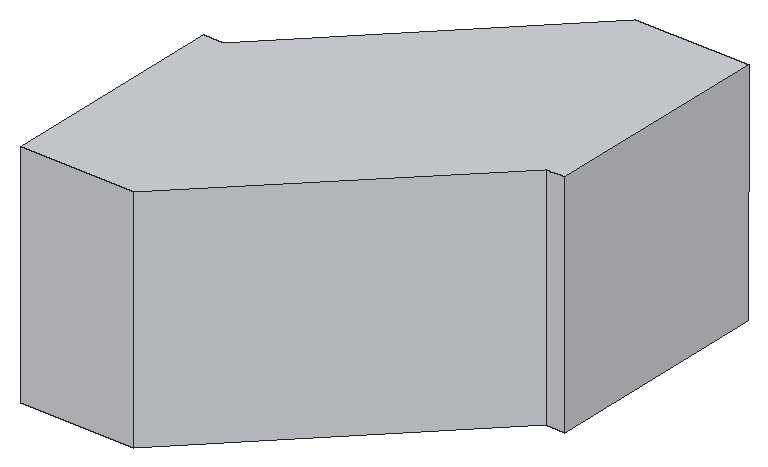
Revit family "M_Deslocamento retangular - Plano - Flange", category Conexões de duto, Revit 2019
Family settings
  Cota do conector redondo = Utilizar diâmetro
  Tipo de parte = Deslocamento
  Número OmniClass = 23.75.70.14
  Título OmniClass = Air Ductwork
  ID de item do Seek = Rectangular Offset - Plain - Flanged-0000-CAN-ENU
  Com base no plano de trabalho = Não
  Sempre na vertical = Sim
  Corte com vazios quando carregada = Não
  Compartilhado = Não
Parameters (values of type "Padrão")
  Deslocamento 1 [instance] = Comprimento 3 + Deslocamento  # 3962.4 mm
  Comprimento 3 [instance] = 3657.6 mm  # constant formula
  Largura do duto [instance] = 304.8 mm
  Anteparo [instance] = 25.4 mm
  Comprimento 1 [instance] = (Largura do duto * tan(Ângulo / 2)) / 2 + Anteparo  # 88.526 mm
  Comprimento 2 [instance] = abs(Deslocamento / tan(Ângulo)) / 2  # 152.4 mm
  Altura do duto [instance] = 304.8 mm
  Deslocamento [instance] = 304.8 mm
  Assembly Code = ""
  Ângulo [instance] = 45.00°
Reference planes
  plane 1 "Centro (Frente/Trás)": y = 0
  plane 2: z = 0
  plane 3 "Centro (Esquerda/Direita)": x = 0
  plane 4: y = 152.4
  plane 5: x = 88.526
  plane 6: x = 240.926
  plane 7: x = 393.326
  plane 8: x = 481.852
  plane 9: y = 304.8
  plane 10: y = -3657.6
Forms (mm)
  Sweep 1, solid, detail levels medium+fine
    path in 3D
      loop
        line (0, 0, 0) -> (88.526, 0, 0) -> (393.326, 304.8, 0) -> (481.852, 304.8, 0)
    profile "M_Duto - Retangular : Duto - Retangular" origin (44.263, 0, 0) x (0, 1, 0) y (0, 0, 1)
      loop
        line (-152.4, 152.4) -> (-152.4, -152.4) -> (152.4, -152.4) -> (152.4, 152.4) -> (-152.4, 152.4)
Lines and regions (mm)
  model lines, detail levels coarse
    curve 1: line (0, 0, 0) -> (88.526, 0, 0)
    curve 2: line (88.526, 0, 0) -> (393.326, 304.8, 0)
    curve 3: line (393.326, 304.8, 0) -> (481.852, 304.8, 0)
  sketch lines
    curve 4: line (0, 0, 0) -> (88.526, 0, 0)
    curve 5: line (88.526, 0, 0) -> (393.326, 304.8, 0)
    curve 6: line (393.326, 304.8, 0) -> (481.852, 304.8, 0)
Dimensions and locks
  "Comprimento 1": plane 3 "Centro (Esquerda/Direita)" to plane 5
  "Comprimento 2": plane 5 to plane 6
  "Comprimento 2": plane 6 to plane 7
  "Comprimento 1": plane 7 to plane 8
  equal spacing: plane 1 "Centro (Frente/Trás)", plane 4, plane 9
  "Comprimento 3": plane 10 to plane 1 "Centro (Frente/Trás)"
  "Deslocamento 1": plane 10 to plane 9
  aligned and locked: plane 3 "Centro (Esquerda/Direita)" to curve 1
  aligned and locked: plane 1 "Centro (Frente/Trás)" to curve 1
  aligned and locked: plane 1 "Centro (Frente/Trás)" to curve 2
  aligned and locked: plane 5 to curve 2
  aligned and locked: plane 7 to curve 2
  aligned and locked: plane 9 to curve 2
  aligned and locked: plane 8 to curve 3
Connectors
  hvac at (0, 0, 0), driven by "Altura do duto", driven by "Largura do duto"
    settings: on Sweep 1, index 1, duct flow 0.0 L/s, flow factor 0, pres drop 0.0 Pa, loss coef 0, conn angle 0.00°, conn width 304.8 mm, conn height 304.8 mm, conn diameter 609.6 mm, duct sys type 28, conn prof type 1, flow config 0, flow direction 0, loss method 0, conn ref index 2, conn util no, is conn primary yes, conn desc ""
  hvac at (481.852, 304.8, 0), driven by "Altura do duto", driven by "Largura do duto"
    settings: on Sweep 1, index 2, duct flow 0.0 L/s, flow factor 0, pres drop 0.0 Pa, loss coef 0, conn angle 0.00°, conn width 304.8 mm, conn height 304.8 mm, conn diameter 609.6 mm, duct sys type 28, conn prof type 1, flow config 0, flow direction 0, loss method 0, conn ref index 1, conn util no, is conn primary no, conn desc ""
